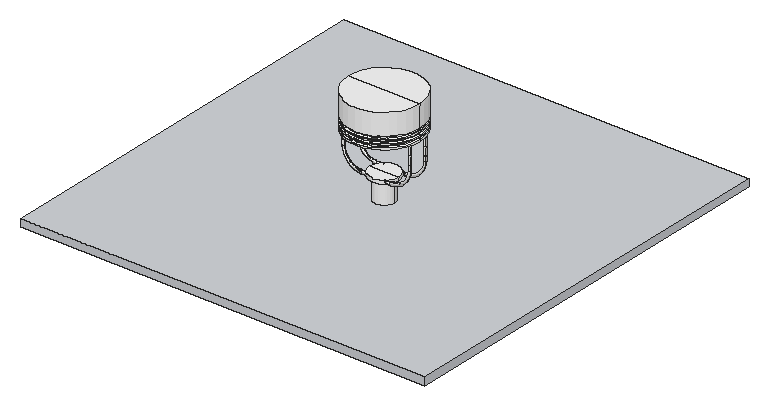
Revit family "CC_FM", category Lighting Fixtures, host Face, Revit 2014
Parameters (values of type "CC-FM")
  White = Paint - Hubbell - Matte White
  Watts = 24 W
  Wattage Comments = "24"
  Warranty = "5 years Warranty"  # constant formula
  Voltage = 120 V
  URL = "https://www.hubbell.com/kimlighting/en"
  Product Link = "https://www.hubbell.com/kimlighting/en/Products/Lighting-Controls/Commercial-Outdoor-Lighting/Area-Site-Roadway/Curvilinear-Cutoff/p/248457"
  Product Documentation Link = "https://hubbellcdn.com/specsheet/kl_CCCCS17_spec.pdf"
  Power Factor = 1
  Model = "Curvilinear Cutoff"  # constant formula
  Manufacturer = "KIM Lighting"  # constant formula
  Load Classification = Lighting
  Lamp = "LED"
  Housing Material = Paint - Hubbell - Textured Camera Black
  Height = 5"
  Gold = Hubbell - Gold
  Glass = Hubbell - Glass
  Fixture distribution = "Direct"  # constant formula
  Features = "• TIR Optics\r\n• Available in 595nm, 3000K, 4000K and 5000K standard CCT\r\n• Type 1, 2, 3, 4, 4W, 5QM, 5QN, 5R, 5W distributions\r\n• 0 - 10V dimming drivers standard\r\n• IP66 optic assembly"  # constant formula
  Description = "Sharp Cutoff and Visual Uniformity. The classic cylindrical design of the Curvilinear luminaire features a simple geometric shape for architectural relevance and is ideal for retail outlets or automotive dealerships. The luminaire family is designed for performance, providing energy efficiency, and glare control, all manufactured to Kim Lightings high standards for quality."  # constant formula
  Default Elevation = 48"
  Copyright = "© 2020 Kim Lighting, a division of Hubbell Lighting, Inc"  # constant formula
  Contact = "https://www.hubbell.com/kimlighting/en/contactUs?productId=248457"
  Connector Description = "Lighting Connector"  # constant formula
  Assembly Code = "D5020200"
  Apparent Load = Watts / Power Factor  # 24 VA
Reference planes (in)
  plane 1 "Center (Front/Back)": y = 0
  plane 2: z = 0.5561
  plane 3 "Center (Left/Right)": x = 0
  plane 4: z = 5.5561
Forms (in)
  Extrusion 1, solid
    sketch origin (0, 0, 0) x (1, 0, 0) y (0, 1, 0)
      loop
        line (-48, 48) -> (-48, -48) -> (48, -48) -> (48, 48) -> (-48, 48)
    from 0.5561 to -1.25
  Extrusion 2, solid, material "Paint - Hubbell - Matte White" <- "White"
    sketch origin (0, 0, 0) x (1, 0, 0) y (0, 1, 0)
      loop
        circle (0, 0) r 2.375
    from 0.5561 to 5.5561
Dimensions and locks (in)
  "Height": plane 4 to Extrusion 1
  aligned and locked: plane 2 to Extrusion 1
  aligned and locked: Extrusion 2 to plane 2
  aligned and locked: plane 4 to Extrusion 2
Automatic sketch dimensions
  Extrusion 1 sketch curve to Extrusion 1 sketch curve = 96"  (x2)
  plane 1 "Center (Front/Back)" to Extrusion 2 sketch curve = 0"
  Extrusion 2 sketch curve to plane 3 "Center (Left/Right)" = 0"
  radius of Extrusion 2 sketch curve = 2 3/8"
Nested families (in)
  nested 1: "CC_Arm_Base" at (0, 0, 5.5561), type "LTV767NF/6L3KUV/NB"
Connectors (in)
  electrical at (0, 0, 0.5561), driven by "Voltage", driven by "Apparent Load", driven by "Power Factor", driven by "Connector Description"
    settings: on Extrusion 2, index 1, voltage 120 V, apparent load 24 VA, apparent load phase1 0 VA, apparent load phase2 0 VA, apparent load phase3 0 VA, power factor 1, load classification "Other", number of poles 1, system type 30, power factor state 1, is connector primary yes, connector utility no, sub classification motor no, connector description "Lighting Connector"
Definition of nested family "CC_Arm_Base"
  Parameters (values of type "LTV767NF/6L3KUV/NB")
    White Surface = Paint - Hubbell - Matte White
    Wattage Comments = "11W"
    Wattage = 28 W
    built-in parameter 1150110 = 1 (stored number, unit not read)
    Voltage = "120 to 277V"
    URL = "https://www.hubbell.com/hubbelllightingci/en/"
    Type Comments = "Lighting Fixture"  # constant formula
    built-in parameter 1114217 = 1 (stored number, unit not read)
    Tilt Angle = 45.00°
    built-in parameter 1150109 = 1 (stored number, unit not read)
    built-in parameter 1150134 = 3
    built-in parameter 1150113 = 1 (stored number, unit not read)
    Specification = "Energy efficient LED models\r\nBrass or aluminum housing for durability\r\nHex cell louver and prismatic spread lens options"  # constant formula
    Series = "In-grade/ Landscape "  # constant formula
    Product Page = "https://www.hubbell.com/hubbelllightingci/en/Products/Lighting-Controls/Commercial-Outdoor-Lighting/In-Grade/In-Grade-Minivault/p/248531"
    Power Factor = 1  # constant formula
    Photometric Web File = "CC17x2-36L-225-3K7-2.ies"
    OmniClass Title = "Buried Uplights"  # constant formula
    OmniClass Number = "23-80 70 14 11 21"  # constant formula
    Number of Poles = 1
    Note Visible = yes
    Note Text = "LF"  # constant formula
    Model = "LTV767NF/6L3KUV/NB"  # constant formula
    Manufacturer = "KIM Lighting"  # constant formula
    built-in parameter 1150105 = 270.05 (stored number, unit not read)
    Lumens = 3393.6 lm
    built-in parameter 1150115 = 1 (stored number, unit not read)
    built-in parameter 1150137 = (empty or 0)
    built-in parameter 1150139 = (empty or 0)
    Lens Ring Material = Metal-Kim Lighting-Bronze
    built-in parameter 1150112 = 1 (stored number, unit not read)
    built-in parameter 1150114 = 1 (stored number, unit not read)
    Lamp = "LED"
    LED = Default Light Source
    built-in parameter 1150132 = (empty or 0)
    built-in parameter 1150102 = (empty or 0)
    built-in parameter 1150107 = 3200 (stored number, unit not read)
    built-in parameter 1150138 = (empty or 0)
    built-in parameter 1150106 = 2.7005 (stored number, unit not read)
    Emit from Circle Diameter = 15"
    Emit Shape Visible in Rendering = no
    Diameter = 7 1/4"
    Contact us = "https://www.hubbell.com/hubbelllightingci/en/contactUs?productId=248531"
    Composite Housing material = Plastic-Kim Lighting-Fiberglass
    Glass Material = Glass-Kim Lighting-Clear
    Full Load Current = 11 A
    Frequency = 60 Hz
    Finish = "Cast Bronze, Natural Finish"  # constant formula
    built-in parameter 1150104 = 11.26 (stored number, unit not read)
    Dimming Lamp Color Temperature Shift = (empty or 0)
    Description = "Minivault incorporates more than 50 years of in-grade experience into every luminaire. A commitment to produce the most durable product possible is the core of the series, which now includes new low wattage pulse start metal halide lamps and LEDs expanding into residential applications."  # constant formula
    Default Elevation = 0"
    Color Filter = 16777215
    built-in parameter 1114218 = 1 (stored number, unit not read)
    built-in parameter 1150133 = 10 (stored number, unit not read)
    Assembly Code = "D5020200"
    Apparent Load = 11 VA
  Reference planes (in)
    plane 1 "Center (Front/Back)": y = 0
    plane 2: z = 0
    plane 3 "Center (Left/Right)": x = 0
    plane 4: x = -8.5
    plane 5: x = 8.5
    plane 6: y = 8.5
    plane 7: y = -8.5
    plane 8: z = 21.88
  Forms (in)
    Extrusion 1, solid
      sketch origin (0, 0, 0) x (1, 0, 0) y (0, 1, 0)
        loop
          line (-48, 48) -> (-48, -48) -> (48, -48) -> (48, 48) -> (-48, 48)
      from 0 to -1.39695
    Revolve 2, solid, material "Paint - Hubbell - Matte White" <- "White Surface"
      sketch origin (0, 0, 18.09357) x (1, 0, 0) y (0, 0, 1)
        loop
          line (7.87949, -8) -> (8.5, -8) -> (8.5, -7.625) -> (8.12949, -7.41108) -> (8.12949, -7.15142) -> (8.5, -6.9375) -> (8.5, -6.6875) -> (8.12949, -6.47358) -> (8.12949, -6.21392) -> (8.5, -6) -> (8.5, -5.75) -> (8.12949, -5.53608) -> (8.12949, -5.27642) -> (8.5, -5.0625) -> (8.5, 0) -> (0, 0) -> (0, -7.41108) -> (7.87949, -7.41108) -> (7.87949, -8)
        axis (0, -8) -> (0, 0)
      angle from 0 to 360
    Extrusion 3, solid, material "Default Light Source" <- "LED"
      sketch origin (0, 0, 18.09357) x (0, -1, 0) y (1, 0, 0)
        loop
          circle (-0.60445, 0) r 0.16569
        loop
          circle (0, 0.60445) r 0.16569
        loop
          circle (0.60445, 0) r 0.16569
        loop
          circle (0, -0.60445) r 0.16569
        loop
          circle (-1.35445, 0) r 0.16569
        loop
          circle (-2.10445, 0) r 0.16569
        loop
          circle (-2.85445, 0) r 0.16569
        loop
          circle (-3.60445, 0) r 0.16569
        loop
          circle (-0.95774, 0.95774) r 0.16569
        loop
          circle (0, 1.35445) r 0.16569
        loop
          circle (0.95774, 0.95774) r 0.16569
        loop
          circle (1.35445, 0) r 0.16569
        loop
          circle (0.95774, -0.95774) r 0.16569
        loop
          circle (0, -1.35445) r 0.16569
        loop
          circle (-0.95774, -0.95774) r 0.16569
        loop
          circle (-1.48807, 1.48807) r 0.16569
        loop
          circle (0, 2.10445) r 0.16569
        loop
          circle (1.48807, 1.48807) r 0.16569
        loop
          circle (2.10445, 0) r 0.16569
        loop
          circle (1.48807, -1.48807) r 0.16569
        loop
          circle (0, -2.10445) r 0.16569
        loop
          circle (-1.48807, -1.48807) r 0.16569
        loop
          circle (-2.0184, 2.0184) r 0.16569
        loop
          circle (-2.54873, 2.54873) r 0.16569
        loop
          circle (0, 2.85445) r 0.16569
        loop
          circle (0, 3.60445) r 0.16569
        loop
          circle (2.0184, 2.0184) r 0.16569
        loop
          circle (2.54873, 2.54873) r 0.16569
        loop
          circle (2.85445, 0) r 0.16569
        loop
          circle (3.60445, 0) r 0.16569
        loop
          circle (2.0184, -2.0184) r 0.16569
        loop
          circle (2.54873, -2.54873) r 0.16569
        loop
          circle (0, -2.85445) r 0.16569
        loop
          circle (0, -3.60445) r 0.16569
        loop
          circle (-2.0184, -2.0184) r 0.16569
        loop
          circle (-2.54873, -2.54873) r 0.16569
      from -7.87223 to -7.625
    Extrusion 4, solid, material "Glass-Kim Lighting-Clear" <- "Glass Material"
      sketch origin (0, 0, 18.09357) x (0, -1, 0) y (1, 0, 0)
        loop
          circle (0, 0) r 7.87949
      from -8 to -7.87223
    Revolve 5, solid, material "Paint - Hubbell - Matte White" <- "White Surface"
      sketch origin (0, 0, -3.75) x (1, 0, 0) y (0, 0, 1)
        loop
          line (0, 3.75) -> (3.375, 3.75) -> (3.375, 4.5) -> (0, 4.5) -> (0, 3.75)
        axis (0, 4.5) -> (0, 3.75)
      angle from 0 to 360
    Sweep 6, solid, material "Paint - Hubbell - Matte White" <- "White Surface"
      path origin (0, 0, -3.75) x (1, 0, 0) y (0, 0, 1)
        loop
          line (7.87949, 13.84357) -> (7.87949, 11.84357) -> (7.87949, 9.84357) -> (7.87949, 8.62757)
          arc (7.87949, 8.62757) -> (6.56147, 5.44559) -> (3.37949, 4.12757) r 4.5
          line (3.37949, 4.12757) -> (1.97885, 4.12757)
      profile origin (7.87949, 0, 9.09357) x (0, -1, 0) y (1, 0, 0)
        loop
          circle (2.25, 0) r 0.25
    Sweep 7, solid, material "Paint - Hubbell - Matte White" <- "White Surface"
      path origin (0, 0, -3.75) x (1, 0, 0) y (0, 0, -1)
        loop
          line (7.87949, -13.84357) -> (7.87949, -11.84357) -> (7.87949, -9.84357) -> (7.87949, -8.62757)
          arc (7.87949, -8.62757) -> (6.56147, -5.44559) -> (3.37949, -4.12757) r 4.5
          line (3.37949, -4.12757) -> (1.97885, -4.12757)
      profile origin (7.87949, 0, 9.09357) x (0, 1, 0) y (-1, 0, 0)
        loop
          circle (2.25, 0) r 0.25
    Sweep 8, solid, material "Paint - Hubbell - Matte White" <- "White Surface"
      path origin (0, 0, -3.75) x (-1, 0, 0) y (0, 0, 1)
        loop
          line (7.87949, 13.84357) -> (7.87949, 11.84357) -> (7.87949, 9.84357) -> (7.87949, 8.62757)
          arc (7.87949, 8.62757) -> (6.56147, 5.44559) -> (3.37949, 4.12757) r 4.5
          line (3.37949, 4.12757) -> (1.97885, 4.12757)
      profile origin (-7.87949, 0, 9.09357) x (0, -1, 0) y (1, 0, 0)
        loop
          circle (2.25, 0) r 0.25
    Sweep 9, solid, material "Paint - Hubbell - Matte White" <- "White Surface"
      path origin (0, 0, -3.75) x (-1, 0, 0) y (0, 0, 1)
        loop
          line (7.87949, 13.84357) -> (7.87949, 11.84357) -> (7.87949, 9.84357) -> (7.87949, 8.62757)
          arc (7.87949, 8.62757) -> (6.56147, 5.44559) -> (3.37949, 4.12757) r 4.5
          line (3.37949, 4.12757) -> (1.97885, 4.12757)
      profile origin (-7.87949, 0, 9.09357) x (0, 1, 0) y (-1, 0, 0)
        loop
          circle (2.25, 0) r 0.25
  Dimensions and locks (in)
    plane 8 to Extrusion 1 = 21.88"
    aligned and locked: plane 2 to Extrusion 1
    aligned and locked: level to Extrusion 1
